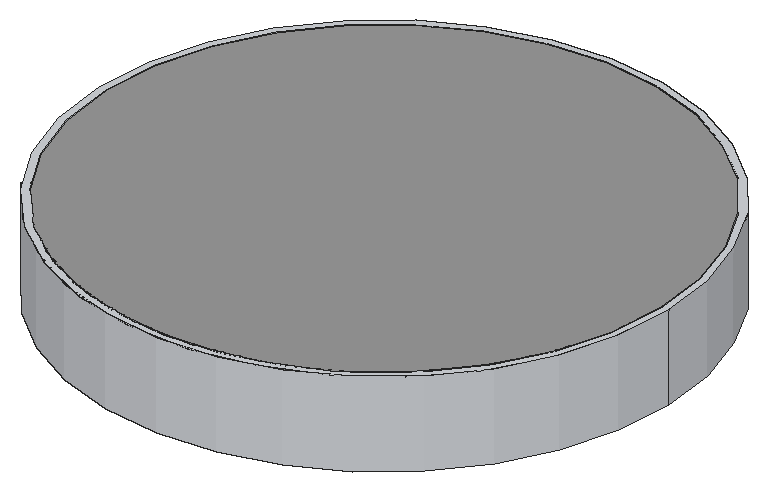
Revit family "2071331", category Lighting Fixtures, host Face, Revit 2018
Family settings
  Host = Face
  Round Connector Dimension = Use Diameter
  Part Type = Normal
  OmniClass Number = 23.80.70.00
  OmniClass Title = Lighting
  Cut with Voids When Loaded = No
  Light Source = Yes
  Shared = No
  Room Calculation Point = No
Parameters (values of type "2071331 COLOSSAL 400 HO 840 OP DIR WHT DALI")
  iner diameter = 390 mm
  Weight = "n/a"
  Wattage Comments = ""
  Wattage = 30 W
  WarrantyStartDate [instance] = "n/a"
  WarrantyGuarantorParts = "n/a"
  WarrantyDurationUnit = "n/a"
  WarrantyDurationParts = ""
  WarrantyDescription = "http://www.sylvania-lighting.com"
  built-in parameter 1150110 = 1 (stored number, unit not read)
  Voltage = 230 V
  URL = "0.95"
  TypeName = "COLOSSAL 400mm HO 840 OPAL DIR WHITE DALI"
  Type Image = <None>
  Type Comments = "n/a"
  built-in parameter 1114217 = 1 (stored number, unit not read)
  Tilt Angle = -90.00°
  built-in parameter 1150109 = 1 (stored number, unit not read)
  built-in parameter 1150134 = (empty or 0)
  built-in parameter 1150113 = 1 (stored number, unit not read)
  SerialNumber [instance] = "n/a"
  Photometric Web File = "2071331.ies"
  Material_3_SYL = LED-Sylvania
  PowerFactor = 0
  PowerConsumption = "Lighting"
  NominalLength = 400 mm
  NominalHeight = 93 mm
  NominalDepth = 400 mm
  Name = "COLOSSAL 400mm HO 840 OPAL DIR WHITE DALI"
  ModelReference = Name  # "COLOSSAL 400mm HO 840 OPAL DIR WHITE DALI"
  ModelNumber = "2071331"
  Model = Name  # "COLOSSAL 400mm HO 840 OPAL DIR WHITE DALI"
  Material = "Feilo Sylvania"
  ManufacturerName = "132 lm/W"
  Manufacturer = ""
  LuminousEfficacy = ""
  built-in parameter 1150105 = 270.44 (stored number, unit not read)
  Lumens = 3398.4 lm
  LuminaireType = "0"
  built-in parameter 1150115 = 1 (stored number, unit not read)
  LightOutputRatio = "LED"
  built-in parameter 1150137 = (empty or 0)
  built-in parameter 1150139 = (empty or 0)
  LampsType = Lamp  # "n/a"
  LampNominalLuminous = "4000 K"
  LampMacAdamStep = "80"
  LampColourTemperature = "LED"
  LampColourRenderingIndex = "16500"
  built-in parameter 1150112 = 1 (stored number, unit not read)
  built-in parameter 1150114 = 1 (stored number, unit not read)
  Lamp = "n/a"
  Keynote = "n/a"
  InstallationDate [instance] = "n/a"
  InputVoltage = "0"
  InputNominalFrequency = "4000"
  built-in parameter 1150132 = (empty or 0)
  built-in parameter 1150102 = (empty or 0)
  built-in parameter 1150107 = 3000 (stored number, unit not read)
  built-in parameter 1150138 = (empty or 0)
  IngressProtection = "IfcLightFixtureType"
  ImpactProtectionIndex = "IfcLightFixtureType"
  built-in parameter 1150106 = 2.7044 (stored number, unit not read)
  IfcExportType = "IfcLightFixtureType"
  IfcExportAs = "Class I"
  Emit from Circle Diameter = 385 mm
  Emit Shape Visible in Rendering = no
  ElectricShockClassification = "132"
  built-in parameter 1150104 = 10.524 (stored number, unit not read)
  DocumentationLiterature = "http://www.sylvania-lighting.com/product/en-int/products/2071331"
  DimmingControlOptions = "n/a"
  Material_2_SYL = Polycarbonate_Sylvania_White
  Dimming Lamp Color Temperature Shift = <None>
  Description = "400mm diameter circular architectural luminaire, can be surface mounted or suspended. Powder coated aluminium housing (RAL9016) with polycarbonate opal diffuser. Direct light distribution, 3435lm luminuous flux, 27W system power, 127lm/W luminiaire efficacy. DALI dimmable. Colour rendering index Ra >80, 4000K Neutral White LED, chromaticity tolerance of 3-step MacAdam ellipse. IP40, IK03. 600mA drive current. Electrical protection Class1, 220-240V. Reported lifetime 66k hours L90B10."
  Default Elevation = 1219.2 mm
  CreatedOn = "22/03/2022"
  CreatedBy = "@sylvania-lighting.com"
  Cost = 0
  Color Filter = 16777215
  built-in parameter 1114216 [instance] = (empty or 0)
  ClassificationValue = "EF_70_80"
  ClassificationName = "Uniclass2015"
  Material_1_SYL = Polycarbonate_Sylvania_Opal
  BarCode [instance] = "n/a"
  built-in parameter 1114218 = 1 (stored number, unit not read)
  built-in parameter 1150133 = 10 (stored number, unit not read)
  AssetType = "Fixed"
  AssetIdentifier [instance] = "n/a"
  Assembly Code = "D5020200"
  Apparent Load = 27 VA
  Material_4_SYL = none
Reference planes
  plane 1 "Center (Front/Back)": y = 0
  plane 2: z = 0
  plane 3 "Center (Left/Right)": x = 0
  plane 4: x = -200
  plane 5: x = 200
  plane 6: y = 200
  plane 7: y = -200
  plane 8: y = 236
  plane 9: y = -236
  plane 10: z = 93
  plane 11: y = 195
  plane 12: y = -195
  plane 13: y = 90.5
  plane 14: y = 144.5
  plane 15: through (52.25, 90.5, 1219.2) normal (0.866, 0.5, 0)
  plane 16: through (52.25, 90.5, 1219.2) normal (0.866, 0.5, 0)
  plane 17: through (63.706, 126.657, 1219.2) normal (0.866, 0.5, 0)
  plane 18: through (-104.5, 0, 1219.2) normal (-0.866, 0.5, 0)
  plane 19: through (-142.394, -9.633, 1219.2) normal (-0.866, 0.5, 0)
  plane 20: y = -90.5
  plane 21: y = -118.5
  plane 22: through (85.371, -141.133, 1219.2) normal (-0.866, 0.5, 0)
  plane 23: through (52.25, -90.5, 1219.2) normal (-0.866, 0.5, 0)
  plane 24: through (-161.658, 0, 1219.2) normal (0.866, 0.5, 0)
  plane 25: through (-172.12, 9.121, 1219.2) normal (0.866, 0.5, 0)
  plane 26: through (-104.5, 0, 1219.2) normal (0.866, 0.5, 0)
Forms (mm)
  Extrusion 1, solid, detail levels medium+fine
    sketch origin (0, 0, 0) x (1, 0, 0) y (0, 1, 0)
      loop
        circle (0, 0) r 200
    from 33.023 to 93
  Extrusion 2, void
    sketch origin (0, 0, 0) x (1, 0, 0) y (0, 1, 0)
      loop
        circle (0, 0) r 195
    from 93 to 37.292
  Extrusion 3, solid, material "Glass, White, High Luminance", detail levels fine
    sketch origin (0, 0, 0) x (1, 0, 0) y (0, 1, 0)
      loop
        circle (0, 0) r 195
    from 88.026 to 93
  Extrusion 4, solid, detail levels coarse
    sketch origin (0, 0, 0) x (1, 0, 0) y (0, 1, 0)
      loop
        line (-200, 200) -> (-200, -200) -> (200, -200) -> (200, 200) -> (-200, 200)
    from 0 to 93
  Blend 5, solid, detail levels medium+fine
    base sketch origin (0, 0, 0) x (1, 0, 0) y (0, 1, 0)
      loop
        line (-52.25, 90.5) -> (-104.5, 0) -> (-52.25, -90.5) -> (52.25, -90.5) -> (104.5, 0) -> (52.25, 90.5) -> (-52.25, 90.5)
    top sketch origin (0, 0, 0) x (1, 0, 0) y (0, 1, 0)
      loop
        line (-53.405, 144.5) -> (-149.245, -21.5) -> (-93.242, -118.5) -> (98.438, -118.5) -> (151.843, -26) -> (53.405, 144.5) -> (-53.405, 144.5)
    from 0 to 33.023
Cuts and joins
  Extrusion 2 cuts Extrusion 1
Dimensions and locks
  "NominalDepth": plane 6 to plane 7
  "NominalLength": plane 4 to plane 5
  equal spacing: plane 4, plane 3 "Center (Left/Right)", plane 5
  "iner diameter": plane 11 to plane 12
  equal spacing: plane 11, plane 1 "Center (Front/Back)", plane 12
  equal spacing: plane 6, plane 1 "Center (Front/Back)", plane 7
  "NominalHeight": plane 10 to level
  plane 19 to plane 18 = 28 mm
  radius of Extrusion 2 sketch curve = 195 mm
  aligned and locked: plane 2 to host face
  aligned and locked: level to host face
Automatic sketch dimensions
  host sketch curve to host sketch curve = 2438.4 mm  (x2)
  plane 1 "Center (Front/Back)" to Extrusion 1 sketch curve = 0 mm
  Extrusion 1 sketch curve to plane 3 "Center (Left/Right)" = 0 mm
  plane 1 "Center (Front/Back)" to Extrusion 2 sketch curve = 0 mm
  Extrusion 2 sketch curve to plane 3 "Center (Left/Right)" = 0 mm
  plane 1 "Center (Front/Back)" to Extrusion 3 sketch curve = 0 mm
  Extrusion 3 sketch curve to plane 3 "Center (Left/Right)" = 0 mm
  Extrusion 4 sketch curve to plane 4 = 0 mm
  Extrusion 4 sketch curve to plane 5 = 0 mm
  Extrusion 4 sketch curve to plane 7 = 0 mm
  Extrusion 4 sketch curve to plane 6 = 0 mm
  Blend 5 sketch curve to plane 19 = 0 mm  (x2)
  Blend 5 sketch curve to plane 24 = 0 mm  (x2)
  Blend 5 sketch curve to plane 21 = 0 mm
  Blend 5 sketch curve to plane 14 = 0 mm
  Blend 5 sketch curve to plane 17 = 0 mm  (x2)
  Blend 5 sketch curve to plane 22 = 0 mm  (x2)
  radius of Extrusion 1 sketch curve = 200 mm
  radius of Extrusion 3 sketch curve = 195 mm
Connectors
  electrical at (0, 0, 0), driven by "Apparent Load", driven by "PowerFactor", driven by "Voltage"
    settings: index 1, voltage 230 V, apparent load 27 VA, apparent load phase1 0 VA, apparent load phase2 0 VA, apparent load phase3 0 VA, power factor 0, load classification "Lighting", number of poles 1, system type 30, power factor state 1, is connector primary yes, connector utility no, sub classification motor no, connector description ""
